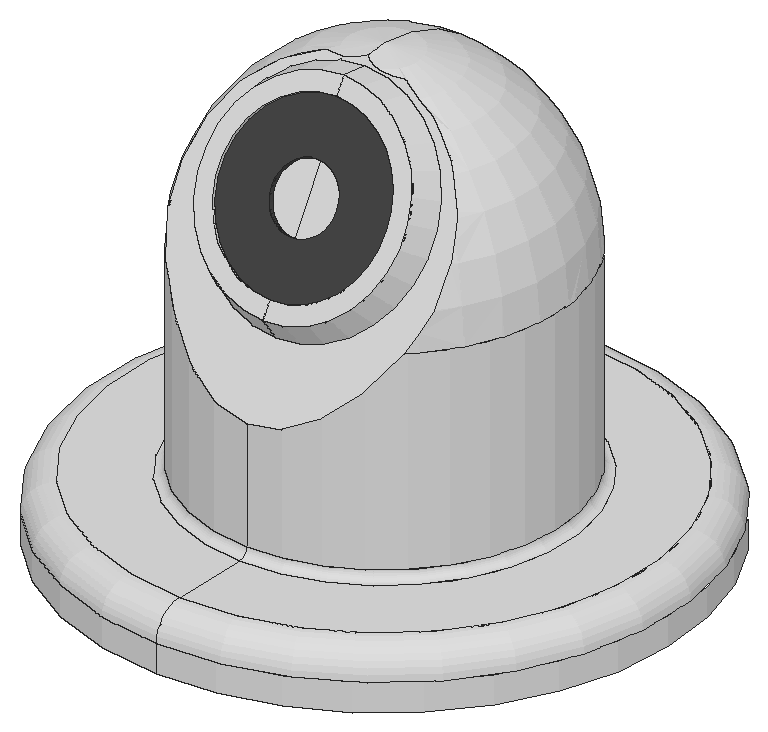
Revit family "Plumbing-Showerheads-Sloan-Valve-AC-450z", category Plumbing Fixtures, host Face, Revit 2021
Family settings
  Host = Face
  Round Connector Dimension = Use Diameter
  Part Type = Normal
  OmniClass Number = 23.45.05.14.99
  OmniClass Title = Other Sanitary Washing Plumbing Fixtures
  Cut with Voids When Loaded = No
  Shared = No
  Room Calculation Point = No
Parameters (values of type "AC-450-1.8GPM-CP")
  Water Inlet Connection Diameter = 1/2"  # constant formula
  Water Inlet Connection Description = "Water Inlet Connection"  # constant formula
  Water Flow = 1.8 GPM
  Waste Connection = no
  WFU = 0
  Vent Connection = no
  Valve Pressure Drop = 0.00 psi
  URL = "www.sloanvalve.com"
  Product data url = ""
  Product Material = Sloan Valve - Finish - Polished Chrome
  Product Guid = ""
  Part Number = "4024531"
  Model = "AC-450-1.8GPM-CP"
  Manufacturer = "Sloan Valve"  # constant formula
  Keynote = "15410"
  HWFU = 0
  HW Connection = no
  Edition number = 1
  Diameter = 4 3/8"  # constant formula
  Description = "Polished Chrome Finish, Act-O-Matic® Institutional Showerhead."
  Default Elevation = 0"
  CWFU = 0
  CW Connection = yes
  Assembly Code = "D2020300"
Types (4): name | Water Flow | Part Number | Model | Description
  AC-450-1.8GPM-CP | 1.8 GPM | "4024531" | "AC-450-1.8GPM-CP" | "Polished Chrome Finish, Act-O-Matic® Institutional Showerhead."
  AC-450-2.0GPM-CP | 2 GPM | "4024530" | "AC-450-2.0GPM-CP" | "Polished Chrome Finish, Act-O-Matic® Institutional Showerhead."
  AC-450-2.5GPM-CP | 2.5 GPM | "4024500" | "AC-450-2.5GPM-CP" | "Polished Chrome Finish, Act-O-Matic® Institutional Showerhead."
  AC-450-2.5GPM-CP-L/ANCHORS-SCR | 2.5 GPM | "4024505" | "AC-450-2.5GPM-CP-L/ANCHORS-SCR" | "Polished Chrome Finish, Less Anchors & Screws, Act-O-Matic® Institutional Showerhead."
Reference planes (in)
  plane 1 "Center (Front/Back)": y = -1.23858
  plane 2: z = 0
  plane 3 "Center (Left/Right)": x = 0
  plane 4: y = 0.94892
  plane 5: z = 0.43
  plane 6: z = 2.5625
  plane 7: through (0, 0.31243, 1.31263) normal (0, 0.5, 0.866)
  plane 8: y = -0.11358
  plane 9: y = -2.36358
  plane 10: x = -1.125
  plane 11: x = 1.125
Forms (in)
  Revolve 1, solid, material "Sloan Valve - Finish - Polished Chrome" <- "Product Material"
    sketch origin (0, 0, 0) x (0, 1, 0) y (0, 0, 1)
      loop
        line (-1.23858, 0) -> (0.94892, 0) -> (0.94892, 0.21)
        arc (0.94892, 0.21) -> (0.88449, 0.36556) -> (0.72892, 0.43) r 0.22
        line (0.72892, 0.43) -> (0.15059, 0.43)
        arc (0.15059, 0.43) -> (0.10168, 0.45026) -> (0.08142, 0.49916) r 0.06916
        line (0.08142, 0.49916) -> (0.08142, 1.985)
        arc (0.08142, 1.985) -> (-0.30061, 2.94708) -> (-1.23858, 3.385) r 1.40242
        line (-1.23858, 3.385) -> (-1.23858, 0)
      axis (-1.23858, 0) -> (-1.23858, 3.385)
    angle from 0 to 360
  Extrusion 2, void
    sketch origin (0, 0, 0) x (0, 1, 0) y (0, 0, 1)
      loop
        line (-0.49745, 4.9102) -> (-2.58203, 4.9102) -> (-2.58203, 1.29962) -> (-0.49745, 4.9102)
    from -2.24951 to 2.34613
  Revolve 3, solid, material "Sloan Valve - Finish - Polished Chrome" <- "Product Material"
    sketch origin (0, 0, 0) x (0, 1, 0) y (0, 0, 1)
      loop
        line (-1.85241, 2.5625) -> (-1.42124, 3.30931) -> (-1.62811, 3.33303) -> (-1.69468, 3.21774) -> (-1.65448, 3.19453) -> (-1.97764, 2.6348) -> (-1.85241, 2.5625)
      axis (-1.85241, 2.5625) -> (-2.01784, 2.65801)
    angle from 0 to 360
  Revolve 4, void
    sketch origin (0, 0, 0) x (0, 1, 0) y (0, 0, 1)
      loop
        line (-0.49126, 1.77664) -> (0.40201, 1.26091) -> (0.49623, 1.4241) -> (-0.39704, 1.93983) -> (-0.49126, 1.77664)
      axis (-0.49126, 1.77664) -> (0.40201, 1.26091)
    angle from 0 to 360
  Extrusion 5, solid, material "Sloan Valve - Thermoplastic - Black"
    sketch origin (0, -1.97764, 2.6348) x (0, 0.5, 0.866025) y (-1, 0, 0)
      loop
        circle (0, 0) r 0.64632
      loop
        circle (0, 0) r 0.25
    from 0 to 0.03172
  Extrusion 6, void
    sketch origin (0, -1.23858, 0) x (0, 1, 0) y (1, 0, 0)
      loop
        circle (1.125, 1.125) r 0.15625
      loop
        circle (1.125, -1.125) r 0.15625
      loop
        circle (-1.125, 1.125) r 0.15625
      loop
        circle (-1.125, -1.125) r 0.15625
    from -0.2871 to 0
  Extrusion 7, solid, not visible
    sketch origin (0, 0, 0) x (1, 0, 0) y (0, 1, 0)
      loop
        circle (0, -1.23858) r 0.25
    from 0 to 0.1875
Cuts and joins
  Extrusion 2, Revolve 4, Extrusion 6 cuts Revolve 1
Lines and regions (in)
  Masking region 1
    outline origin (0, -1.23858, 0) x (1, 0, 0) y (0, 0, 1)
      loop
        line (2.1875, 0) -> (2.1875, 0.25)
        arc (2.1875, 0.25) -> (2.10886, 0.3799) -> (1.96545, 0.42981) r 0.22401
        line (1.96545, 0.42981) -> (1.39125, 0.42981)
        arc (1.39125, 0.42981) -> (1.34057, 0.4508) -> (1.31958, 0.50148) r 0.07167
        line (1.31958, 0.50148) -> (1.31958, 2.00148)
        arc (1.31958, 2.00148) -> (0.9368, 2.9575) -> (0, 3.38519) r 1.38527
        arc (0, 3.38519) -> (-0.9368, 2.9575) -> (-1.31958, 2.00148) r 1.38527
        line (-1.31958, 2.00148) -> (-1.31958, 0.50148)
        arc (-1.31958, 0.50148) -> (-1.34057, 0.4508) -> (-1.39125, 0.42981) r 0.07167
        line (-1.39125, 0.42981) -> (-1.96545, 0.42981)
        arc (-1.96545, 0.42981) -> (-2.10886, 0.3799) -> (-2.1875, 0.25) r 0.22401
        line (-2.1875, 0.25) -> (-2.1875, 0) -> (0, 0) -> (2.1875, 0)
  symbolic lines, detail levels fine
    curve 1: arc (-0.00032, -1.23858, 1.66946) -> (0.19127, -1.23858, 1.44781) -> (-0.00024, -1.23858, 1.22609) r 0.22405
    curve 2: arc (-0.00024, -1.23858, 1.22609) -> (-0.19125, -1.23858, 1.44774) -> (-0.00032, -1.23858, 1.66946) r 0.22415
  symbolic lines, detail levels medium+fine
    curve 3: line (1.39125, -1.23858, 0.42981) -> (-1.39125, -1.23858, 0.42981)
Dimensions and locks (in)
  locked: Revolve 1 sketch curve to plane 1 "Center (Front/Back)" at 1.32
  locked: plane 4 to plane 1 "Center (Front/Back)" at 2.1875
  Revolve 1 sketch curve to level = 3.385"
  locked: plane 5 to level at 0.43
  locked: plane 1 "Center (Front/Back)" to Extrusion 2 sketch curve at 1.34345
  locked: level to Extrusion 2 sketch curve at 4.9102
  locked: Extrusion 2 sketch curve to level at 1.29962
  plane 6 to host face = 2 9/16"
  locked: plane 8 to plane 1 "Center (Front/Back)" at 1.125
  equal spacing: plane 10, plane 3 "Center (Left/Right)", plane 11
  locked: plane 10 to plane 3 "Center (Left/Right)" at 1.125
  equal spacing: plane 8, plane 1 "Center (Front/Back)", plane 9
  diameter of Extrusion 6 sketch curve = 5/16"  (x2)
  angle Extrusion 2 sketch curve to Extrusion 2 sketch curve = 30.00°
  aligned and locked: plane 2 to host face
  aligned and locked: level to host face
  aligned and locked: plane 4 to Revolve 1 sketch curve
  aligned and locked: plane 5 to Revolve 1 sketch curve
  aligned and locked: Revolve 1 sketch curve to plane 1 "Center (Front/Back)"
  aligned and locked: plane 1 "Center (Front/Back)" to Revolve 1 sketch curve
  aligned and locked: Revolve 3 sketch curve to Revolve 3 sketch curve
  aligned and locked: plane 7 to Revolve 4 sketch curve
  aligned and locked: Revolve 4 sketch curve to plane 7
  aligned and locked: Masking region 1 sketch curve to cut or joined group of Revolve 1, Extrusion 2, Revolve 4, Extrusion 6
  aligned and locked: Extrusion 5 sketch curve to Revolve 3  (x2)
  aligned and locked: Extrusion 6 to level
  aligned and locked: plane 8 to Extrusion 6 sketch curve  (x2)
  aligned and locked: Extrusion 6 sketch curve to plane 9
  aligned and locked: plane 10 to Extrusion 6 sketch curve  (x2)
  aligned and locked: plane 11 to Extrusion 6 sketch curve  (x2)
  aligned and locked: plane 9 to Extrusion 6 sketch curve
Automatic sketch dimensions
  host sketch curve to host sketch curve = 96"  (x2)
  Revolve 3 sketch curve to plane 6 = 0"  (x2)
  plane 6 to Revolve 3 sketch curve = 0.0723"
  plane 1 "Center (Front/Back)" to Revolve 3 sketch curve = 0.73907"
  plane 1 "Center (Front/Back)" to Revolve 3 sketch curve = 0.41591"
  plane 1 "Center (Front/Back)" to Revolve 3 sketch curve = 0.18267"
  plane 6 to Revolve 3 sketch curve = 0.05835"
  Revolve 3 sketch curve to Revolve 3 sketch curve = 0.04019"
  Revolve 3 sketch curve to Revolve 3 sketch curve = 0.06656"
  Revolve 3 sketch curve to Revolve 3 sketch curve = 0.11529"
  plane 1 "Center (Front/Back)" to Extrusion 7 sketch curve = 0"
  Extrusion 7 sketch curve to plane 3 "Center (Left/Right)" = 0"
  curve 1 to plane 3 "Center (Left/Right)" = 0.03278"
  plane 3 "Center (Left/Right)" to curve 2 = 0.03291"
  level to curve 1 = 1.44777"
  curve 1 to curve 2 = 0"
  level to curve 3 = 0.42981"
  curve 3 to plane 3 "Center (Left/Right)" = 1.39125"
  curve 2 to plane 3 "Center (Left/Right)" = 0.00032"
  curve 2 to plane 3 "Center (Left/Right)" = 0.00024"
  plane 3 "Center (Left/Right)" to curve 3 = 1.39125"
  Revolve 1 sketch curve to level = 0"
  plane 1 "Center (Front/Back)" to Revolve 1 sketch curve = 0.08242"
  Revolve 1 sketch curve to Revolve 1 sketch curve = 0.06916"
  level to Revolve 1 sketch curve = 0.21"
  plane 5 to Revolve 1 sketch curve = 3/4"
  Revolve 1 sketch curve to Revolve 1 sketch curve = 0.445"
  Revolve 4 sketch curve to plane 1 "Center (Front/Back)" = 0.74732"
  Revolve 4 sketch curve to Revolve 4 sketch curve = 0.09422"
  level to Revolve 4 sketch curve = 1.26091"
  Revolve 4 sketch curve to Revolve 4 sketch curve = 0.21613"
  Revolve 4 sketch curve to plane 1 "Center (Front/Back)" = 0.22504"
  Masking region 1 sketch curve to plane 3 "Center (Left/Right)" = 0"  (x2)
  Masking region 1 sketch curve to plane 3 "Center (Left/Right)" = 0.06569"
  Masking region 1 sketch curve to Masking region 1 sketch curve = 1 65/256"
  Masking region 1 sketch curve to Masking region 1 sketch curve = 0.07167"  (x2)
  Masking region 1 sketch curve to Masking region 1 sketch curve = 147/256"  (x2)
  Masking region 1 sketch curve to Masking region 1 sketch curve = 0.00244"  (x2)
  Masking region 1 sketch curve to Masking region 1 sketch curve = 0.21961"  (x2)
  plane 3 "Center (Left/Right)" to Masking region 1 sketch curve = 0.06569"
  level to Masking region 1 sketch curve = 0.50148"
  plane 3 "Center (Left/Right)" to Masking region 1 sketch curve = 1.31958"
  level to Masking region 1 sketch curve = 0.20581"  (x2)
  Masking region 1 sketch curve to Masking region 1 sketch curve = 0.04419"
  Masking region 1 sketch curve to Masking region 1 sketch curve = 1 1/2"
  radius of Extrusion 5 sketch curve to Revolve 3 = 0.39632"
  radius of Extrusion 7 sketch curve = 1/4"
  radius of Extrusion 6 sketch curve = 5/32"  (x2)
Connectors (in)
  piping at (0, -1.23858, 0), diameter 0.5, driven by "Water Inlet Connection Diameter", driven by "Water Inlet Connection Description", driven by "Valve Pressure Drop", driven by "Water Flow"
    settings: on Extrusion 7, index 1, connector inside diameter 24", connector length 0", flow factor 0, pipe flow 1.8 GPM, pressure drop 0.00 psi, fitting loss kfactor 0, connector angle 0.00°, fixture units 0, engagement length 0", angle of deflection 0.00°, flow configuration 1, flow direction 1, fitting loss method 4, system type 19, joint type 0, gender type 0, connector reference index -1, connector utility 0, adjustable connector no, is connector primary yes, connector description "Water Inlet Connection"
